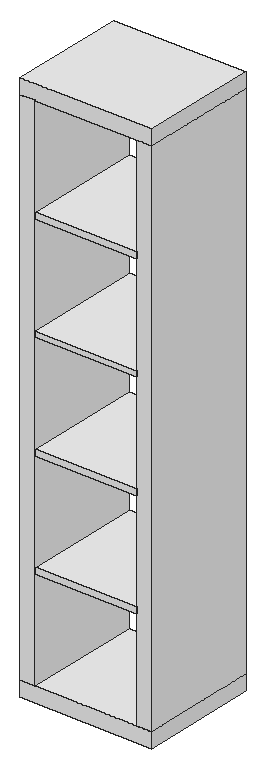
Revit family
Parameters (values of type "Branco")
  Type Comments = ""
  Model = "EXPEDIT"
  Material = IKEA-Branco
  Manufacturer = "IKEA"
  Description = ""
  Assembly Code = "E1020230"
Types (5, lengths in mm): name | Material
  (no name) | IKEA-Branco
  Branco | IKEA-Branco
  PretoCastanho | IKEA-PretoCastanho
  Betula | IKEA-Betula
  Faia | IKEA-Faia
Reference planes
  plane 1 "Center (Front/Back)": y = 0
  plane 2: z = 0
  plane 3 "Center (Left/Right)": x = 0
Forms (mm)
  Extrusion 1, solid, material "IKEA-Branco" <- "Material"
    sketch origin (0, 0, 0) x (1, 0, 0) y (0, 1, 0)
      loop
        line (440, 0) -> (440, 390) -> (0, 390) -> (0, 0) -> (440, 0)
    from 0 to 50
  Extrusion 2, solid, material "IKEA-Branco" <- "Material"
    sketch origin (790, 0, 1800) x (0, 1, 0) y (-1, 0, 0)
      loop
        line (0, 790) -> (0, 350) -> (390, 350) -> (390, 790) -> (0, 790)
    from 0 to 50
  Extrusion 3, solid, material "IKEA-Branco" <- "Material"
    sketch origin (0, 0, 830) x (0, 0, -1) y (0, 1, 0)
      loop
        line (780, 0) -> (780, 390) -> (-970, 390) -> (-970, 0) -> (780, 0)
    from 0 to 50
  Extrusion 4, solid, material "IKEA-Branco" <- "Material"
    sketch origin (440, 0, 660) x (0, 0, 1) y (0, 1, 0)
      loop
        line (1140, 0) -> (1140, 390) -> (-610, 390) -> (-610, 0) -> (1140, 0)
    from 0 to 50
  Extrusion 5, solid, material "IKEA-Branco" <- "Material"
    sketch origin (0, 0, 384) x (1, 0, 0) y (0, 1, 0)
      loop
        line (390, 0) -> (390, 390) -> (50, 390) -> (50, 0) -> (390, 0)
    from 0 to 20
  Extrusion 6, solid, material "IKEA-Branco" <- "Material"
    sketch origin (0, 0, 738) x (1, 0, 0) y (0, 1, 0)
      loop
        line (390, 0) -> (390, 390) -> (50, 390) -> (50, 0) -> (390, 0)
    from 0 to 20
  Extrusion 7, solid, material "IKEA-Branco" <- "Material"
    sketch origin (0, 0, 1092) x (1, 0, 0) y (0, 1, 0)
      loop
        line (390, 0) -> (390, 390) -> (50, 390) -> (50, 0) -> (390, 0)
    from 0 to 20
  Extrusion 8, solid, material "IKEA-Branco" <- "Material"
    sketch origin (0, 0, 1446) x (1, 0, 0) y (0, 1, 0)
      loop
        line (390, 0) -> (390, 390) -> (50, 390) -> (50, 0) -> (390, 0)
    from 0 to 20
Dimensions and locks
  Extrusion 2 to Extrusion 1 = 1850 mm
  Extrusion 5 to Extrusion 1 = 334 mm
  Extrusion 6 to Extrusion 5 = 334 mm
  Extrusion 7 to Extrusion 6 = 334 mm
  Extrusion 8 to Extrusion 7 = 334 mm
  Extrusion 3 to Extrusion 4 = 440 mm
  Extrusion 2 to Extrusion 8 = 334 mm
  aligned and locked: Extrusion 3 to Extrusion 1
  aligned and locked: Extrusion 4 to Extrusion 1
  aligned and locked: Extrusion 4 to Extrusion 2
  aligned and locked: Extrusion 3 to Extrusion 2
  aligned and locked: Extrusion 7 to Extrusion 3
  aligned and locked: Extrusion 6 to Extrusion 3
  aligned and locked: Extrusion 5 to Extrusion 3
  aligned and locked: Extrusion 5 to Extrusion 4
  aligned and locked: Extrusion 6 to Extrusion 4
  aligned and locked: Extrusion 7 to Extrusion 4
